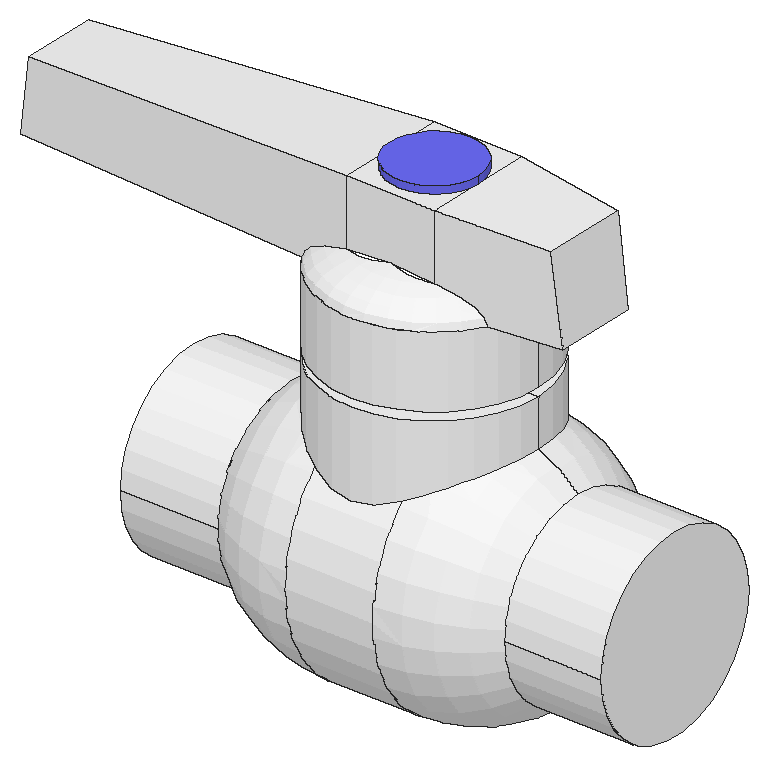
Revit family "PA_Арматура трубопроводов [кран шаровой полипропиленовый VTp.743.0цыцывцвцв] - VALTEC", category Арматура трубопроводов, Revit 2019
Family settings
  Размер круглого соединителя = Использовать диаметр
  Тип детали = Клапан - Вставляется
  На основе рабочей плоскости = Нет
  Всегда вертикально = Да
  При загрузке вырезать с полостями = Нет
  Общий = Нет
Parameters (values of type "VTp.744.0")
  Таблица = "PA_Арматура трубопроводов [кран полипропиленовый шаровой с латунной обоймой VTp.743.0] - VALTEC"  # constant formula
  Пользовательский [instance] = no
  Manufacturer = ""
  r [instance] = size_lookup(Таблица, "r", 0 mm, D)  # 20.9 mm
  h4 [instance] = size_lookup(Таблица, "h4", 0 mm, D)  # 4.8 mm
  h5 [instance] = size_lookup(Таблица, "h5", 0 mm, D)  # 5.8 mm
  h6 [instance] = size_lookup(Таблица, "h6", 0 mm, D)  # 2.5 mm
  d5 [instance] = size_lookup(Таблица, "d5", 0 mm, D)  # 12.8 mm
  b2 [instance] = size_lookup(Таблица, "b2", 0 mm, D)  # 23.4 mm
  h3 [instance] = size_lookup(Таблица, "h3", 0 mm, D)  # 10.4 mm
  h2 [instance] = size_lookup(Таблица, "h2", 0 mm, D)  # 1.2 mm
  dn [instance] = size_lookup(Таблица, "dn", 0 mm, D)  # 26.8 mm
  a2 [instance] = size_lookup(Таблица, "a2", 0 mm, D)  # 14.5 mm
  a1 [instance] = size_lookup(Таблица, "a1", 0 mm, D)  # 14.1 mm
  b1 [instance] = size_lookup(Таблица, "b1", 0 mm, D)  # 56 mm
  h1 [instance] = size_lookup(Таблица, "h1", 0 mm, D)  # 24.1 mm
  d1 [instance] = size_lookup(Таблица, "d1", 0 mm, D)  # 38.5 mm
  d4 [instance] = size_lookup(Таблица, "d4", 0 mm, D)  # 16 mm
  d2 [instance] = size_lookup(Таблица, "d2", 0 mm, D)  # 30.4 mm
  d3 [instance] = size_lookup(Таблица, "d3", 0 mm, D)  # 24.5 mm
  D [instance] = 20 mm
  URL = "https://valtec.ru/"
  e [instance] = size_lookup(Таблица, "e", 0 mm, D)  # 15 mm
  H [instance] = size_lookup(Таблица, "H", 0 mm, D)  # 34 mm
  B [instance] = size_lookup(Таблица, "B", 0 mm, D)  # 56 mm
  ADSK_Расход жидкости [instance] = 0.0 L/s
  ADSK_Примечание [instance] = ""
  ADSK_Потеря давления жидкости [instance] = 0.0 Pa
  ADSK_Позиция [instance] = ""
  ADSK_Обозначение [instance] = "VTp.744.0"  # constant formula
  ADSK_Наименование [instance] = size_lookup(Таблица, "", "Данный типоразмер отсутствует", D)  # "Кран полипропиленовый шаровой с латунной обоймой,  20 мм"
  Материал доп.1 = Синий - VALTEC
  ADSK_Материал = Белый - VALTEC
  ADSK_Масса [instance] = size_lookup(Таблица, "Масса", 0, D)  # 0.122
  ADSK_Марка [instance] = size_lookup(Таблица, "Маркировка", "Данный типоразмер отсутствует", D)  # "VTp.744.0"
  ADSK_Код изделия [instance] = size_lookup(Таблица, "Код продукта", "Данный типоразмер отсутствует", D)  # "VTp.744.0.020"
  ADSK_Завод-изготовитель [instance] = "VALTEC"  # constant formula
  ADSK_Единица измерения [instance] = "шт."  # constant formula
  ADSK_URL страницы изделия = "https://valtec.ru/catalog/sistemy_polipropilenovyh_truboprovodov/armatura_dlya_polipropilenovyh_truboprovodov/kran_polipropilenovyj_sharovoj_s_latunnoj_obojmoj.html"
  ADSK_URL документации изделия = "https://valtec.ru/document/technical/VTp.744-0519.pdf"
  A [instance] = size_lookup(Таблица, "A", 0 mm, D)  # 70 mm
Reference planes
  plane 1 "По центру (Вперед/Назад)": y = 0
  plane 2: z = 0
  plane 3 "По центру (Влево/Вправо)": x = 0
  plane 4: x = 35
  plane 5: y = 19.25
  plane 6: y = -19.25
  plane 7: x = -35
  plane 8: x = -20.9
  plane 9: x = -6.4
  plane 10: x = 20.9
  plane 11: x = 6.4
  plane 12: z = 19.25
  plane 13: z = -19.25
  plane 14: z = 13.4
  plane 15: z = -13.4
  plane 16: z = 24.1
  plane 17: z = 25.3
  plane 18: z = 35.7
  plane 19: z = 40.5
  plane 20: z = 48.8
  plane 21: x = -12.25
  plane 22: x = -15.2
  plane 23: x = 12.25
  plane 24: x = 15.2
  plane 25: x = -56
  plane 26 "b": x = 23.4
  plane 27: y = 8
  plane 28: y = -8
  plane 29: z = 49.8
  plane 30: x = -61
  plane 31: z = 54.8
  plane 32: x = 28.4
  plane 33: z = 46.3
Forms (mm)
  Extrusion 1, solid, material "Белый - VALTEC" <- "ADSK_Материал", detail levels medium+fine
    sketch origin (0, 0, 0) x (0, 1, 0) y (0, 0, 1)
      loop
        circle (0, 0) r 13.4
    from -35 to -20.9
  Extrusion 2, solid, material "Белый - VALTEC" <- "ADSK_Материал", detail levels medium+fine
    sketch origin (0, 0, 0) x (0, 1, 0) y (0, 0, 1)
      loop
        circle (0, 0) r 13.4
    from 20.9 to 35
  Revolve 3, solid, material "Белый - VALTEC" <- "ADSK_Материал", detail levels medium+fine
    sketch origin (0, 0, 0) x (1, 0, 0) y (0, 0, 1)
      loop
        arc (-6.4, 19.25) -> (-14.218, 17.732) -> (-20.9, 13.4) r 20.9
        line (-20.9, 13.4) -> (-20.9, 0) -> (20.9, 0) -> (20.9, 13.4)
        arc (20.9, 13.4) -> (14.218, 17.732) -> (6.4, 19.25) r 20.9
        line (6.4, 19.25) -> (-6.4, 19.25)
      axis (-20.9, 0) -> (20.9, 0)
    angle from 0 to 360
  Revolve 4, solid, material "Белый - VALTEC" <- "ADSK_Материал", detail levels medium+fine
    sketch origin (0, 0, 0) x (1, 0, 0) y (0, 0, 1)
      loop
        spline (0, 40.5) -> (-1.984, 40.459) -> (-3.934, 40.336) -> (-5.817, 40.135) -> (-7.6, 39.857) -> (-9.253, 39.508) -> (-10.748, 39.094) -> (-12.059, 38.622) -> (-13.164, 38.1) -> (-14.043, 37.537) -> (-14.682, 36.942) -> (-15.07, 36.327) -> (-15.2, 35.7)
        line (-15.2, 35.7) -> (-15.2, 25.3) -> (-12.25, 25.3) -> (-12.25, 24.1) -> (-15.2, 24.1) -> (-15.2, 0) -> (0, 0) -> (0, 40.5)
      axis (0, 40.5) -> (0, 0)
    angle from 0 to 360
  Extrusion 5, solid, material "Белый - VALTEC" <- "ADSK_Материал", detail levels medium+fine
    sketch origin (0, 0, 0) x (1, 0, 0) y (0, 1, 0)
      loop
        line (-6.4, 8) -> (-56, 5.401) -> (-56, -5.401) -> (-6.4, -8) -> (6.4, -8) -> (23.4, -5.913) -> (23.4, 5.913) -> (6.4, 8) -> (-6.4, 8)
    from 35.7 to 48.8
  Extrusion 6, solid, material "Синий - VALTEC" <- "Материал доп.1", detail levels medium+fine
    sketch origin (0, 0, 0) x (1, 0, 0) y (0, 1, 0)
      loop
        circle (0, 0) r 6.4
    from 48.8 to 49.8
  Extrusion 7, void
    sketch origin (0, 0, 0) x (1, 0, 0) y (0, 0, 1)
      loop
        line (-56, 35.7) -> (-54.702, 46.269) -> (-6.4, 48.8) -> (6.4, 48.8) -> (21.891, 47.988) -> (23.4, 35.7) -> (28.4, 35.7) -> (28.4, 54.8) -> (-61, 54.8) -> (-61, 35.7) -> (-56, 35.7)
    from -8 to 8
Cuts and joins
  Extrusion 7 cuts Extrusion 1
  Extrusion 7 cuts Extrusion 2
  Extrusion 7 cuts Revolve 3
  Extrusion 7 cuts Revolve 4
  Extrusion 7 cuts Extrusion 5
  joined: Extrusion 1, Extrusion 2, Revolve 3, Revolve 4, Extrusion 5
Lines and regions (mm)
  symbolic lines, detail levels coarse
    curve 1: line (35, 0, -19.25) -> (-35, 0, 19.25)
    curve 2: line (-35, 0, -19.25) -> (35, 0, 19.25)
    curve 3: line (35, 0, -19.25) -> (35, 0, 19.25)
    curve 4: line (-35, 0, -19.25) -> (-35, 0, 19.25)
  model lines, detail levels coarse
    curve 5: line (35, -19.25, 0) -> (-35, 19.25, 0)
    curve 6: line (35, 19.25, 0) -> (-35, -19.25, 0)
    curve 7: line (35, 19.25, 0) -> (35, -19.25, 0)
    curve 8: line (-35, 19.25, 0) -> (-35, -19.25, 0)
  reference lines
    curve 9: line (-35, 0, 0) -> (35, 0, 0)
Dimensions and locks
  equal spacing: plane 4, plane 3 "По центру (Влево/Вправо)", plane 7
  "A": plane 4 to plane 7
  "a1": plane 8 to plane 7
  "a2": plane 9 to plane 8
  "a1": plane 10 to plane 4
  "a2": plane 11 to plane 10
  equal spacing: plane 12, plane 2, plane 13
  "d1": plane 12 to plane 13
  equal spacing: plane 14, plane 2, plane 15
  "dn": plane 14 to plane 15
  equal spacing: plane 23, plane 3 "По центру (Влево/Вправо)", plane 21
  equal spacing: plane 24, plane 3 "По центру (Влево/Вправо)", plane 22
  "d3": plane 23 to plane 21
  "d2": plane 24 to plane 22
  "h4": Revolve 4 sketch curve to Revolve 4 sketch curve
  "b1": plane 3 "По центру (Влево/Вправо)" to plane 25
  "b2": plane 26 "b" to plane 3 "По центру (Влево/Вправо)"
  equal spacing: plane 28, plane 1 "По центру (Вперед/Назад)", plane 27
  "d4": plane 28 to plane 27
  locked: plane 25 to plane 30 at 5
  locked: plane 32 to plane 26 "b" at 5
  locked: plane 31 to plane 29 at 5
  "h1": plane 16 to plane 2
  "h2": plane 17 to plane 16
  "h3": plane 18 to plane 17
  "h4": plane 19 to plane 18
  "h5": plane 33 to plane 19
  "h6": plane 20 to plane 33
  locked: plane 29 to plane 20 at 1
  equal spacing: plane 6, plane 1 "По центру (Вперед/Назад)", plane 5
  "d1": plane 6 to plane 5
  "dn": diameter of Extrusion 1 sketch curve
  "dn": diameter of Extrusion 2 sketch curve
  "r": radius of Revolve 3 sketch curve  (x2)
  "d5": diameter of Extrusion 6 sketch curve
  locked: plane 28 to Extrusion 5 sketch curve (angle 7.00°)
  locked: Extrusion 5 sketch curve to plane 27 (angle 7.00°)
  locked: Extrusion 5 sketch curve to plane 28 (angle 3.00°)
  locked: plane 27 to Extrusion 5 sketch curve (angle 3.00°)
  locked: Extrusion 7 sketch curve to plane 25 (angle 7.00°)
  locked: plane 20 to Extrusion 7 sketch curve (angle 3.00°)
  angle plane 26 "b" to Extrusion 7 sketch curve = 7.00°
  angle Extrusion 7 sketch curve to plane 20 = 3.00°
  aligned and locked: level to plane 2
  aligned and locked: plane 2 to Extrusion 1 sketch curve
  aligned and locked: plane 1 "По центру (Вперед/Назад)" to Extrusion 1 sketch curve
  aligned and locked: plane 2 to Extrusion 2 sketch curve
  aligned and locked: plane 1 "По центру (Вперед/Назад)" to Extrusion 2 sketch curve
  aligned and locked: Extrusion 1 to plane 7
  aligned and locked: plane 8 to Extrusion 1
  aligned and locked: plane 10 to Extrusion 2
  aligned and locked: Extrusion 2 to plane 4
  aligned and locked: plane 9 to Revolve 3 sketch curve
  aligned and locked: plane 11 to Revolve 3 sketch curve
  aligned and locked: plane 12 to Revolve 3 sketch curve
  aligned and locked: plane 8 to Revolve 3 sketch curve
  aligned and locked: plane 10 to Revolve 3 sketch curve
  aligned and locked: Revolve 3 sketch curve to plane 2  (x2)
  aligned and locked: plane 14 to Revolve 3 sketch curve  (x2)
  aligned and locked: Revolve 4 sketch curve to plane 3 "По центру (Влево/Вправо)"  (x2)
  aligned and locked: plane 2 to Revolve 4 sketch curve
  aligned and locked: plane 21 to Revolve 4 sketch curve
  aligned and locked: plane 16 to Revolve 4 sketch curve
  aligned and locked: Revolve 4 sketch curve to plane 17
  aligned and locked: plane 18 to Revolve 4 sketch curve  (x2)
  aligned and locked: plane 22 to Revolve 4 sketch curve  (x2)
  aligned and locked: plane 3 "По центру (Влево/Вправо)" to Revolve 4 sketch curve
  aligned and locked: plane 9 to Extrusion 5 sketch curve  (x2)
  aligned and locked: plane 11 to Extrusion 5 sketch curve  (x2)
  aligned and locked: Extrusion 5 sketch curve to plane 27
  aligned and locked: plane 28 to Extrusion 5 sketch curve
  aligned and locked: Extrusion 5 sketch curve to plane 25
  aligned and locked: plane 18 to Extrusion 5
  aligned and locked: Extrusion 5 to plane 20
  aligned and locked: plane 3 "По центру (Влево/Вправо)" to Extrusion 6 sketch curve
  aligned and locked: plane 1 "По центру (Вперед/Назад)" to Extrusion 6 sketch curve
  aligned and locked: plane 20 to Extrusion 6
  aligned and locked: Extrusion 6 to plane 29
  aligned and locked: plane 26 "b" to Extrusion 5 sketch curve
  aligned and locked: plane 30 to Extrusion 7 sketch curve
  aligned and locked: Extrusion 7 sketch curve to plane 18  (x2)
  aligned and locked: Extrusion 7 sketch curve to plane 31
  aligned and locked: Extrusion 7 sketch curve to plane 32
  aligned and locked: plane 9 to Extrusion 7 sketch curve
  aligned and locked: plane 11 to Extrusion 7 sketch curve
  aligned and locked: plane 20 to Extrusion 7 sketch curve
  aligned and locked: plane 27 to cut or joined group of Extrusion 1, Extrusion 2, Revolve 3, Revolve 4, Extrusion 5, Extrusion 7
  aligned and locked: plane 28 to cut or joined group of Extrusion 1, Extrusion 2, Revolve 3, Revolve 4, Extrusion 5, Extrusion 7
  aligned and locked: plane 4 to curve 1
  aligned and locked: plane 13 to curve 1
  aligned and locked: plane 4 to curve 2
  aligned and locked: plane 12 to curve 3
  aligned and locked: plane 12 to curve 4
  aligned and locked: plane 13 to curve 4
  aligned and locked: plane 7 to curve 4
  aligned and locked: plane 5 to curve 8
  aligned and locked: plane 6 to curve 8
  aligned and locked: plane 6 to curve 5
  aligned and locked: plane 4 to curve 5
  aligned and locked: plane 5 to curve 6
  aligned and locked: plane 4 to curve 6
  aligned and locked: plane 7 to curve 6
  aligned and locked: curve 8 to plane 7
  aligned and locked: plane 7 to curve 9
  aligned and locked: plane 4 to curve 9
  aligned and locked: curve 9 to plane 2
Automatic sketch dimensions
  Revolve 3 sketch curve to plane 7 = 1442.53 mm
  Revolve 4 sketch curve to plane 13 = 346.795 mm
  Extrusion 7 sketch curve to plane 25 = 0 mm
  plane 26 "b" to Extrusion 7 sketch curve = 0 mm
  Revolve 3 sketch curve to plane 4 = 1775.148 mm
  Revolve 4 sketch curve to plane 29 = 2124.115 mm
Connectors
  piping at (-35, 0, 0), diameter 20, driven by "D", driven by "ADSK_Расход жидкости", driven by "ADSK_Потеря давления жидкости"
    settings: on curve 9, index 1, connector inside diameter 609.6 mm, connector length 0 mm, flow factor 0, pipe flow 0.0 L/s, pressure drop 0.0 Pa, fitting loss kfactor 0, connector angle 0.00°, fixture units 0, engagement length 0 mm, angle of deflection 0.00°, flow configuration 0, flow direction 0, fitting loss method 4, system type 29, joint type 0, gender type 0, connector reference index 2, connector utility 0, adjustable connector no, is connector primary yes, connector description ""
  piping at (35, 0, 0), diameter 20, driven by "D", driven by "ADSK_Расход жидкости"
    settings: on curve 9, index 2, connector inside diameter 609.6 mm, connector length 0 mm, flow factor 0, pipe flow 0.0 L/s, pressure drop 0.0 Pa, fitting loss kfactor 0, connector angle 0.00°, fixture units 0, engagement length 0 mm, angle of deflection 0.00°, flow configuration 0, flow direction 0, fitting loss method 0, system type 29, joint type 0, gender type 0, connector reference index 1, connector utility 0, adjustable connector no, is connector primary no, connector description ""
